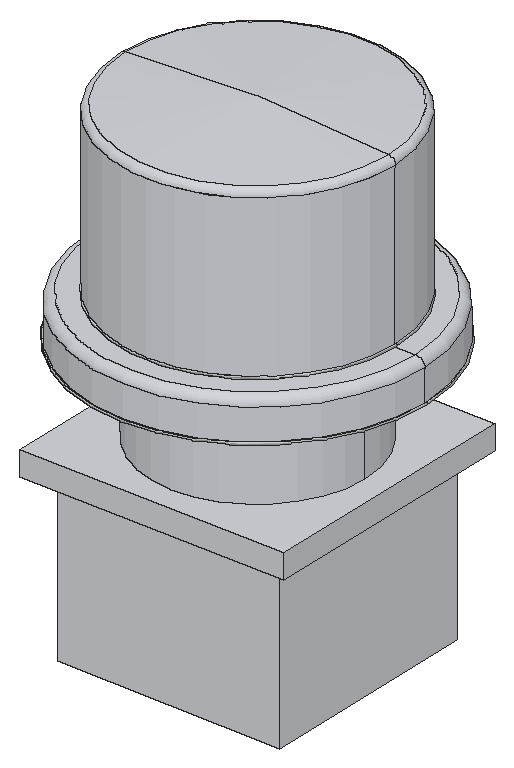
Revit family "EF-4", category Mechanical Equipment, host Face, Revit 2025
Family settings
  Host = Face
  Round Connector Dimension = Use Diameter
  Classification = None
  Part Type = Normal
  Cut with Voids When Loaded = No
  Maintain Annotation Orientation = No
  Shared = No
  Room Calculation Point = No
Parameters (values of type "G-099-VG4X-QD")
  X = 19"
  URL = "file:///C:/Users/User/Downloads/GreenheckShop_ProductCutSheet_G-099-4VG119XQD_20250812080105.pdf"
  Model = "G-099-VG4X-QD"
  Manufacturer = "GREENHECK"
  Default Elevation = 48"
Reference planes (in)
  plane 1 "Center (Front/Back)": y = 0
  plane 2: z = 0
  plane 3 "Center (Left/Right)": x = 0
Forms (in)
  Revolve 1, solid
    sketch origin (0, 0, 0) x (1, 0, 0) y (0, 0, 1)
      loop
        line (0, 1.75) -> (7.75, 1.75) -> (7.75, 8.06963) -> (12.15231, 8.06963)
        arc (12.15231, 8.06963) -> (12.21484, 8.13467) -> (12.15063, 8.19805) r 0.06422
        line (12.15063, 8.19805) -> (12.0625, 8.19805) -> (12.0625, 10.43266)
        arc (12.0625, 10.43266) -> (11.87594, 10.88307) -> (11.42553, 11.06963) r 0.63697
        line (11.42553, 11.06963) -> (9.9375, 11.06963)
        arc (9.9375, 11.06963) -> (10.02092, 11.15305) -> (9.9375, 11.23647) r 0.08342
        line (9.9375, 11.23647) -> (9.9375, 22.75472)
        arc (9.9375, 22.75472) -> (9.80019, 23.09889) -> (9.46367, 23.25403) r 0.5
        line (9.46367, 23.25403) -> (0, 23.75) -> (0, 1.75)
      axis (0, 23.75) -> (0, 1.75)
    angle from 0 to 360
  Extrusion 2, solid
    sketch origin (0, 0, 0) x (1, 0, 0) y (0, 1, 0)
      loop
        line (-9.5, 9.5) -> (-9.5, -9.5) -> (9.5, -9.5) -> (9.5, 9.5) -> (-9.5, 9.5)
    from 0 to 1.75
  Extrusion 3, solid
    sketch origin (0, 0, 0) x (1, 0, 0) y (0, 1, 0)
      loop
        line (-8, 8) -> (-8, -8) -> (8, -8) -> (8, 8) -> (-8, 8)
    from 0 to -12.03309
Dimensions and locks (in)
  equal spacing: Extrusion 2 sketch curve, plane 3 "Center (Left/Right)", Extrusion 2 sketch curve
  equal spacing: Extrusion 2 sketch curve, plane 1 "Center (Front/Back)", Extrusion 2 sketch curve
  "X": Extrusion 2 sketch curve to Extrusion 2 sketch curve  (x2)
  equal spacing: Extrusion 3 sketch curve, plane 3 "Center (Left/Right)", Extrusion 3 sketch curve
  equal spacing: Extrusion 3 sketch curve, plane 1 "Center (Front/Back)", Extrusion 3 sketch curve
  Extrusion 3 sketch curve to Extrusion 2 = 1 1/2"  (x2)
  aligned and locked: plane 2 to host face
  aligned and locked: level to host face
Automatic sketch dimensions
  host sketch curve to host sketch curve = 96"  (x2)
  Revolve 1 sketch curve to plane 3 "Center (Left/Right)" = 0"  (x2)
  level to Revolve 1 sketch curve = 1 3/4"
  plane 3 "Center (Left/Right)" to Revolve 1 sketch curve = 7 3/4"
  plane 3 "Center (Left/Right)" to Revolve 1 sketch curve = 9 7/16"
  Revolve 1 sketch curve to Revolve 1 sketch curve = 0.02617"
  Revolve 1 sketch curve to Revolve 1 sketch curve = 2 3/16"
  Revolve 1 sketch curve to Revolve 1 sketch curve = 1.48803"
  Revolve 1 sketch curve to Revolve 1 sketch curve = 0.63697"
  Revolve 1 sketch curve to Revolve 1 sketch curve = 0.08813"
  Revolve 1 sketch curve to Revolve 1 sketch curve = 0.00168"
  Revolve 1 sketch curve to Revolve 1 sketch curve = 6.31963"
  Revolve 1 sketch curve to Revolve 1 sketch curve = 0.0642"
  Revolve 1 sketch curve to Revolve 1 sketch curve = 2.23461"
  Revolve 1 sketch curve to Revolve 1 sketch curve = 0.08342"
  Revolve 1 sketch curve to Revolve 1 sketch curve = 11.51824"
  Revolve 1 sketch curve to Revolve 1 sketch curve = 0.49597"
  Revolve 1 sketch curve to Revolve 1 sketch curve = 2.06963"
  Revolve 1 sketch curve to Revolve 1 sketch curve = 1 3/4"
